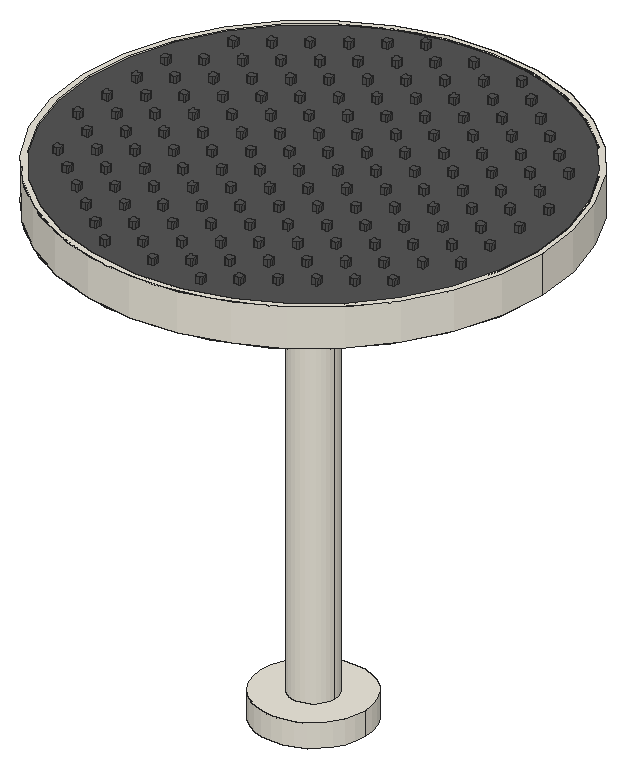
Revit family "Deca_Chuveiro Redondo de Teto_Flex Max_2085-TET", category Plumbing Fixtures, host Face, Revit 2020
Family settings
  Host = Face
  Round Connector Dimension = Use Radius
  Part Type = Normal
  Cut with Voids When Loaded = No
  Shared = No
  Room Calculation Point = No
Parameters (values of type "2085.SM.TET.MT_Summer Gold")
  WFU = 0
  Vazão na Pressão mín. (L/min) = "12 l/min"
  Vazão na Pressão máx. (L/min) = "12 l/min"
  URL = "www.deca.com.br"
  Tipo de rosca de saída = "-"
  Tipo de rosca de entrada = "BSP NBR 8133"
  Tipo de mecanismo utilizado = ""
  Tipo de dispositivo economizador = "RESTRITOR VAZÃO DE 12L/MIN"
  Segmento = "-"
  Saída de Esgoto = "-"
  Raio Água Fria = 0.0075 m  # constant formula
  Pressão mín. funcionamento = ""
  Pressão mín. Aquec. Passagem = "10 MCA"
  Pressão mín. Aquec. Acúmulo = "10 MCA"
  Pressão máx. funcionamento = ""
  Peso Líquido (Kg) = 0.97
  Norma = "NBR 15206"
  Model = "2085.SM.TET.MT"
  Material Secundário [instance] = Deca_Preto
  Material = Deca_Summer Gold
  Manufacturer = "Deca"
  Linha = "Flex"
  Itens de Instalação = "-"
  Informações Complementares = "-"
  HWFU = 0
  Diâmetro Água Fria = 2 * Raio Água Fria  # 0.015 m
  Description = "CHUVEIRO DE TETO REDONDO SM MT (220mm)"
  Default Elevation = 0.00 m
  Código Pai = "2085.C.TET"
  Criado por = "quattroD"
  Cores Componente = "-"
  Cor Secundária = "Preto"
  Cor Principal = "Summer Gold"
  Cor Interna = "-"
  Consumo = "-"
  Composição Componente = "-"
  Composição Básica = "Liga de Cobre (bronze e latão),Plásticos de Engenharia,Elastômeros"
  Composição Assento = "-"
  Composição Anel Vedação = "-"
  Categoria = "CHUVEIROS E DUCHAS"
  CWFU = 0
  Atendimento ao Cliente = "0800 011 7073"
  Assembly Code = ""
  Aprovado por = "quattroD"
  Acompanha o Produto = "RESTRITOR DE VAZÃO"
Reference planes (m)
  plane 1 "Center (Front/Back)": y = 0.024249
  plane 2: z = 0
  plane 3 "Center (Left/Right)": x = 0.000397
Forms (m)
  Extrusion 1, solid, material "Deca_Summer Gold" <- "Material"
    sketch origin (0, 0, 0) x (1, 0, 0) y (0, 1, 0)
      loop
        circle (0.000397, 0.024249) r 0.025
    from 0 to 0.011
  Extrusion 2, solid, material "Deca_Summer Gold" <- "Material"
    sketch origin (0, 0, 0) x (1, 0, 0) y (0, 1, 0)
      loop
        circle (0.000397, 0.024249) r 0.010333
    from 0.011 to 0.178
  Extrusion 3, solid, material "Deca_Summer Gold" <- "Material"
    sketch origin (0, 0, 0) x (1, 0, 0) y (0, 1, 0)
      loop
        circle (0.000397, 0.024249) r 0.11
      loop
        circle (0.000397, 0.024249) r 0.1075
    from 0.219495 to 0.2373
  Blend 4, solid, material "Deca_Summer Gold" <- "Material"
    base sketch origin (0, 0, 0) x (1, 0, 0) y (0, 1, 0)
      loop
        circle (0.000397, 0.024249) r 0.11
    top sketch origin (0, 0, 0) x (1, 0, 0) y (0, 1, 0)
      loop
        circle (0.000397, 0.024249) r 0.010333
    from 0.219495 to 0.218259
  Extrusion 5, solid, material "Deca_Preto" <- "Material Secundário"
    sketch origin (0, 0, 0) x (1, 0, 0) y (0, 1, 0)
      loop
        circle (0.000397, 0.024249) r 0.1075
    from 0.2306 to 0.236995
  Extrusion 6, solid, material "Deca_Preto" <- "Material Secundário"
    sketch origin (0, 0, 0) x (1, 0, 0) y (0, 1, 0)
      loop
        arc (-0.069454, 0.087086) -> (-0.06995, 0.086881) -> (-0.070156, 0.086384) r 0.000702
        line (-0.070156, 0.086384) -> (-0.070156, 0.084705)
        arc (-0.070156, 0.084705) -> (-0.069954, 0.084218) -> (-0.069467, 0.084016) r 0.000689
        line (-0.069467, 0.084016) -> (-0.06775, 0.084016)
        arc (-0.06775, 0.084016) -> (-0.067252, 0.084222) -> (-0.067046, 0.08472) r 0.000704
        line (-0.067046, 0.08472) -> (-0.067046, 0.086411)
        arc (-0.067046, 0.086411) -> (-0.067244, 0.086888) -> (-0.067721, 0.087086) r 0.000675
        line (-0.067721, 0.087086) -> (-0.069454, 0.087086)
      loop
        arc (-0.046443, 0.087086) -> (-0.046939, 0.086881) -> (-0.047145, 0.086384) r 0.000702
        line (-0.047145, 0.086384) -> (-0.047145, 0.084705)
        arc (-0.047145, 0.084705) -> (-0.046943, 0.084218) -> (-0.046456, 0.084016) r 0.000689
        line (-0.046456, 0.084016) -> (-0.044739, 0.084016)
        arc (-0.044739, 0.084016) -> (-0.044241, 0.084222) -> (-0.044035, 0.08472) r 0.000704
        line (-0.044035, 0.08472) -> (-0.044035, 0.086411)
        arc (-0.044035, 0.086411) -> (-0.044233, 0.086888) -> (-0.04471, 0.087086) r 0.000675
        line (-0.04471, 0.087086) -> (-0.046443, 0.087086)
      loop
        arc (-0.023453, 0.087086) -> (-0.023949, 0.086881) -> (-0.024155, 0.086384) r 0.000702
        line (-0.024155, 0.086384) -> (-0.024155, 0.084705)
        arc (-0.024155, 0.084705) -> (-0.023953, 0.084218) -> (-0.023466, 0.084016) r 0.000689
        line (-0.023466, 0.084016) -> (-0.021749, 0.084016)
        arc (-0.021749, 0.084016) -> (-0.021251, 0.084222) -> (-0.021045, 0.08472) r 0.000704
        line (-0.021045, 0.08472) -> (-0.021045, 0.086411)
        arc (-0.021045, 0.086411) -> (-0.021242, 0.086888) -> (-0.02172, 0.087086) r 0.000675
        line (-0.02172, 0.087086) -> (-0.023453, 0.087086)
      loop
        arc (-0.000469, 0.087086) -> (-0.000965, 0.086881) -> (-0.001171, 0.086384) r 0.000702
        line (-0.001171, 0.086384) -> (-0.001171, 0.084705)
        arc (-0.001171, 0.084705) -> (-0.000969, 0.084218) -> (-0.000482, 0.084016) r 0.000689
        line (-0.000482, 0.084016) -> (0.001235, 0.084016)
        arc (0.001235, 0.084016) -> (0.001733, 0.084222) -> (0.001939, 0.08472) r 0.000704
        line (0.001939, 0.08472) -> (0.001939, 0.086411)
        arc (0.001939, 0.086411) -> (0.001741, 0.086888) -> (0.001264, 0.087086) r 0.000675
        line (0.001264, 0.087086) -> (-0.000469, 0.087086)
      loop
        arc (-0.080909, 0.078342) -> (-0.081405, 0.078136) -> (-0.081611, 0.07764) r 0.000702
        line (-0.081611, 0.07764) -> (-0.081611, 0.075961)
        arc (-0.081611, 0.075961) -> (-0.081409, 0.075474) -> (-0.080922, 0.075272) r 0.000689
        line (-0.080922, 0.075272) -> (-0.079205, 0.075272)
        arc (-0.079205, 0.075272) -> (-0.078707, 0.075478) -> (-0.078501, 0.075976) r 0.000704
        line (-0.078501, 0.075976) -> (-0.078501, 0.077667)
        arc (-0.078501, 0.077667) -> (-0.078698, 0.078144) -> (-0.079176, 0.078342) r 0.000675
        line (-0.079176, 0.078342) -> (-0.080909, 0.078342)
      loop
        arc (-0.058006, 0.078342) -> (-0.058503, 0.078136) -> (-0.058708, 0.07764) r 0.000702
        line (-0.058708, 0.07764) -> (-0.058708, 0.075961)
        arc (-0.058708, 0.075961) -> (-0.058506, 0.075474) -> (-0.058019, 0.075272) r 0.000689
        line (-0.058019, 0.075272) -> (-0.056302, 0.075272)
        arc (-0.056302, 0.075272) -> (-0.055804, 0.075478) -> (-0.055598, 0.075976) r 0.000704
        line (-0.055598, 0.075976) -> (-0.055598, 0.077667)
        arc (-0.055598, 0.077667) -> (-0.055796, 0.078144) -> (-0.056273, 0.078342) r 0.000675
        line (-0.056273, 0.078342) -> (-0.058006, 0.078342)
      loop
        arc (-0.034995, 0.078342) -> (-0.035492, 0.078136) -> (-0.035697, 0.07764) r 0.000702
        line (-0.035697, 0.07764) -> (-0.035697, 0.075961)
        arc (-0.035697, 0.075961) -> (-0.035495, 0.075474) -> (-0.035008, 0.075272) r 0.000689
        line (-0.035008, 0.075272) -> (-0.033291, 0.075272)
        arc (-0.033291, 0.075272) -> (-0.032793, 0.075478) -> (-0.032587, 0.075976) r 0.000704
        line (-0.032587, 0.075976) -> (-0.032587, 0.077667)
        arc (-0.032587, 0.077667) -> (-0.032785, 0.078144) -> (-0.033262, 0.078342) r 0.000675
        line (-0.033262, 0.078342) -> (-0.034995, 0.078342)
      loop
        arc (-0.012005, 0.078342) -> (-0.012501, 0.078136) -> (-0.012707, 0.07764) r 0.000702
        line (-0.012707, 0.07764) -> (-0.012707, 0.075961)
        arc (-0.012707, 0.075961) -> (-0.012505, 0.075474) -> (-0.012018, 0.075272) r 0.000689
        line (-0.012018, 0.075272) -> (-0.010301, 0.075272)
        arc (-0.010301, 0.075272) -> (-0.009803, 0.075478) -> (-0.009597, 0.075976) r 0.000704
        line (-0.009597, 0.075976) -> (-0.009597, 0.077667)
        arc (-0.009597, 0.077667) -> (-0.009795, 0.078144) -> (-0.010272, 0.078342) r 0.000675
        line (-0.010272, 0.078342) -> (-0.012005, 0.078342)
      loop
        arc (-0.069454, 0.069572) -> (-0.06995, 0.069367) -> (-0.070156, 0.06887) r 0.000702
        line (-0.070156, 0.06887) -> (-0.070156, 0.067191)
        arc (-0.070156, 0.067191) -> (-0.069954, 0.066704) -> (-0.069467, 0.066502) r 0.000689
        line (-0.069467, 0.066502) -> (-0.06775, 0.066502)
        arc (-0.06775, 0.066502) -> (-0.067252, 0.066708) -> (-0.067046, 0.067206) r 0.000704
        line (-0.067046, 0.067206) -> (-0.067046, 0.068897)
        arc (-0.067046, 0.068897) -> (-0.067244, 0.069374) -> (-0.067721, 0.069572) r 0.000675
        line (-0.067721, 0.069572) -> (-0.069454, 0.069572)
      loop
        arc (-0.046443, 0.069572) -> (-0.046939, 0.069367) -> (-0.047145, 0.06887) r 0.000702
        line (-0.047145, 0.06887) -> (-0.047145, 0.067191)
        arc (-0.047145, 0.067191) -> (-0.046943, 0.066704) -> (-0.046456, 0.066502) r 0.000689
        line (-0.046456, 0.066502) -> (-0.044739, 0.066502)
        arc (-0.044739, 0.066502) -> (-0.044241, 0.066708) -> (-0.044035, 0.067206) r 0.000704
        line (-0.044035, 0.067206) -> (-0.044035, 0.068897)
        arc (-0.044035, 0.068897) -> (-0.044233, 0.069374) -> (-0.04471, 0.069572) r 0.000675
        line (-0.04471, 0.069572) -> (-0.046443, 0.069572)
      loop
        arc (-0.023453, 0.069572) -> (-0.023949, 0.069367) -> (-0.024155, 0.06887) r 0.000702
        line (-0.024155, 0.06887) -> (-0.024155, 0.067191)
        arc (-0.024155, 0.067191) -> (-0.023953, 0.066704) -> (-0.023466, 0.066502) r 0.000689
        line (-0.023466, 0.066502) -> (-0.021749, 0.066502)
        arc (-0.021749, 0.066502) -> (-0.021251, 0.066708) -> (-0.021045, 0.067206) r 0.000704
        line (-0.021045, 0.067206) -> (-0.021045, 0.068897)
        arc (-0.021045, 0.068897) -> (-0.021242, 0.069374) -> (-0.02172, 0.069572) r 0.000675
        line (-0.02172, 0.069572) -> (-0.023453, 0.069572)
      loop
        arc (-0.000469, 0.069572) -> (-0.000965, 0.069367) -> (-0.001171, 0.06887) r 0.000702
        line (-0.001171, 0.06887) -> (-0.001171, 0.067191)
        arc (-0.001171, 0.067191) -> (-0.000969, 0.066704) -> (-0.000482, 0.066502) r 0.000689
        line (-0.000482, 0.066502) -> (0.001235, 0.066502)
        arc (0.001235, 0.066502) -> (0.001733, 0.066708) -> (0.001939, 0.067206) r 0.000704
        line (0.001939, 0.067206) -> (0.001939, 0.068897)
        arc (0.001939, 0.068897) -> (0.001741, 0.069374) -> (0.001264, 0.069572) r 0.000675
        line (0.001264, 0.069572) -> (-0.000469, 0.069572)
      loop
        arc (-0.080909, 0.060828) -> (-0.081405, 0.060622) -> (-0.081611, 0.060126) r 0.000702
        line (-0.081611, 0.060126) -> (-0.081611, 0.058447)
        arc (-0.081611, 0.058447) -> (-0.081409, 0.05796) -> (-0.080922, 0.057758) r 0.000689
        line (-0.080922, 0.057758) -> (-0.079205, 0.057758)
        arc (-0.079205, 0.057758) -> (-0.078707, 0.057964) -> (-0.078501, 0.058462) r 0.000704
        line (-0.078501, 0.058462) -> (-0.078501, 0.060153)
        arc (-0.078501, 0.060153) -> (-0.078698, 0.06063) -> (-0.079176, 0.060828) r 0.000675
        line (-0.079176, 0.060828) -> (-0.080909, 0.060828)
      loop
        arc (-0.058006, 0.060828) -> (-0.058503, 0.060622) -> (-0.058708, 0.060126) r 0.000702
        line (-0.058708, 0.060126) -> (-0.058708, 0.058447)
        arc (-0.058708, 0.058447) -> (-0.058506, 0.05796) -> (-0.058019, 0.057758) r 0.000689
        line (-0.058019, 0.057758) -> (-0.056302, 0.057758)
        arc (-0.056302, 0.057758) -> (-0.055804, 0.057964) -> (-0.055598, 0.058462) r 0.000704
        line (-0.055598, 0.058462) -> (-0.055598, 0.060153)
        arc (-0.055598, 0.060153) -> (-0.055796, 0.06063) -> (-0.056273, 0.060828) r 0.000675
        line (-0.056273, 0.060828) -> (-0.058006, 0.060828)
      loop
        arc (-0.034995, 0.060828) -> (-0.035492, 0.060622) -> (-0.035697, 0.060126) r 0.000702
        line (-0.035697, 0.060126) -> (-0.035697, 0.058447)
        arc (-0.035697, 0.058447) -> (-0.035495, 0.05796) -> (-0.035008, 0.057758) r 0.000689
        line (-0.035008, 0.057758) -> (-0.033291, 0.057758)
        arc (-0.033291, 0.057758) -> (-0.032793, 0.057964) -> (-0.032587, 0.058462) r 0.000704
        line (-0.032587, 0.058462) -> (-0.032587, 0.060153)
        arc (-0.032587, 0.060153) -> (-0.032785, 0.06063) -> (-0.033262, 0.060828) r 0.000675
        line (-0.033262, 0.060828) -> (-0.034995, 0.060828)
      loop
        arc (-0.012005, 0.060828) -> (-0.012501, 0.060622) -> (-0.012707, 0.060126) r 0.000702
        line (-0.012707, 0.060126) -> (-0.012707, 0.058447)
        arc (-0.012707, 0.058447) -> (-0.012505, 0.05796) -> (-0.012018, 0.057758) r 0.000689
        line (-0.012018, 0.057758) -> (-0.010301, 0.057758)
        arc (-0.010301, 0.057758) -> (-0.009803, 0.057964) -> (-0.009597, 0.058462) r 0.000704
        line (-0.009597, 0.058462) -> (-0.009597, 0.060153)
        arc (-0.009597, 0.060153) -> (-0.009795, 0.06063) -> (-0.010272, 0.060828) r 0.000675
        line (-0.010272, 0.060828) -> (-0.012005, 0.060828)
      loop
        arc (-0.092357, 0.052086) -> (-0.092853, 0.051881) -> (-0.093058, 0.051384) r 0.000702
        line (-0.093058, 0.051384) -> (-0.093058, 0.049705)
        arc (-0.093058, 0.049705) -> (-0.092857, 0.049218) -> (-0.09237, 0.049016) r 0.000689
        line (-0.09237, 0.049016) -> (-0.090653, 0.049016)
        arc (-0.090653, 0.049016) -> (-0.090155, 0.049222) -> (-0.089948, 0.04972) r 0.000704
        line (-0.089948, 0.04972) -> (-0.089948, 0.051411)
        arc (-0.089948, 0.051411) -> (-0.090146, 0.051888) -> (-0.090624, 0.052086) r 0.000675
        line (-0.090624, 0.052086) -> (-0.092357, 0.052086)
      loop
        arc (-0.069454, 0.052086) -> (-0.06995, 0.051881) -> (-0.070156, 0.051384) r 0.000702
        line (-0.070156, 0.051384) -> (-0.070156, 0.049705)
        arc (-0.070156, 0.049705) -> (-0.069954, 0.049218) -> (-0.069467, 0.049016) r 0.000689
        line (-0.069467, 0.049016) -> (-0.06775, 0.049016)
        arc (-0.06775, 0.049016) -> (-0.067252, 0.049222) -> (-0.067046, 0.04972) r 0.000704
        line (-0.067046, 0.04972) -> (-0.067046, 0.051411)
        arc (-0.067046, 0.051411) -> (-0.067244, 0.051888) -> (-0.067721, 0.052086) r 0.000675
        line (-0.067721, 0.052086) -> (-0.069454, 0.052086)
      loop
        arc (-0.046443, 0.052086) -> (-0.046939, 0.051881) -> (-0.047145, 0.051384) r 0.000702
        line (-0.047145, 0.051384) -> (-0.047145, 0.049705)
        arc (-0.047145, 0.049705) -> (-0.046943, 0.049218) -> (-0.046456, 0.049016) r 0.000689
        line (-0.046456, 0.049016) -> (-0.044739, 0.049016)
        arc (-0.044739, 0.049016) -> (-0.044241, 0.049222) -> (-0.044035, 0.04972) r 0.000704
        line (-0.044035, 0.04972) -> (-0.044035, 0.051411)
        arc (-0.044035, 0.051411) -> (-0.044233, 0.051888) -> (-0.04471, 0.052086) r 0.000675
        line (-0.04471, 0.052086) -> (-0.046443, 0.052086)
      loop
        arc (-0.023453, 0.052086) -> (-0.023949, 0.051881) -> (-0.024155, 0.051384) r 0.000702
        line (-0.024155, 0.051384) -> (-0.024155, 0.049705)
        arc (-0.024155, 0.049705) -> (-0.023953, 0.049218) -> (-0.023466, 0.049016) r 0.000689
        line (-0.023466, 0.049016) -> (-0.021749, 0.049016)
        arc (-0.021749, 0.049016) -> (-0.021251, 0.049222) -> (-0.021045, 0.04972) r 0.000704
        line (-0.021045, 0.04972) -> (-0.021045, 0.051411)
        arc (-0.021045, 0.051411) -> (-0.021242, 0.051888) -> (-0.02172, 0.052086) r 0.000675
        line (-0.02172, 0.052086) -> (-0.023453, 0.052086)
      loop
        arc (-0.000469, 0.052086) -> (-0.000965, 0.051881) -> (-0.001171, 0.051384) r 0.000702
        line (-0.001171, 0.051384) -> (-0.001171, 0.049705)
        arc (-0.001171, 0.049705) -> (-0.000969, 0.049218) -> (-0.000482, 0.049016) r 0.000689
        line (-0.000482, 0.049016) -> (0.001235, 0.049016)
        arc (0.001235, 0.049016) -> (0.001733, 0.049222) -> (0.001939, 0.04972) r 0.000704
        line (0.001939, 0.04972) -> (0.001939, 0.051411)
        arc (0.001939, 0.051411) -> (0.001741, 0.051888) -> (0.001264, 0.052086) r 0.000675
        line (0.001264, 0.052086) -> (-0.000469, 0.052086)
      loop
        arc (-0.080909, 0.043342) -> (-0.081405, 0.043136) -> (-0.081611, 0.04264) r 0.000702
        line (-0.081611, 0.04264) -> (-0.081611, 0.040961)
        arc (-0.081611, 0.040961) -> (-0.081409, 0.040474) -> (-0.080922, 0.040272) r 0.000689
        line (-0.080922, 0.040272) -> (-0.079205, 0.040272)
        arc (-0.079205, 0.040272) -> (-0.078707, 0.040478) -> (-0.078501, 0.040976) r 0.000704
        line (-0.078501, 0.040976) -> (-0.078501, 0.042667)
        arc (-0.078501, 0.042667) -> (-0.078698, 0.043144) -> (-0.079176, 0.043342) r 0.000675
        line (-0.079176, 0.043342) -> (-0.080909, 0.043342)
      loop
        arc (-0.058006, 0.043342) -> (-0.058503, 0.043136) -> (-0.058708, 0.04264) r 0.000702
        line (-0.058708, 0.04264) -> (-0.058708, 0.040961)
        arc (-0.058708, 0.040961) -> (-0.058506, 0.040474) -> (-0.058019, 0.040272) r 0.000689
        line (-0.058019, 0.040272) -> (-0.056302, 0.040272)
        arc (-0.056302, 0.040272) -> (-0.055804, 0.040478) -> (-0.055598, 0.040976) r 0.000704
        line (-0.055598, 0.040976) -> (-0.055598, 0.042667)
        arc (-0.055598, 0.042667) -> (-0.055796, 0.043144) -> (-0.056273, 0.043342) r 0.000675
        line (-0.056273, 0.043342) -> (-0.058006, 0.043342)
      loop
        arc (-0.034995, 0.043342) -> (-0.035492, 0.043136) -> (-0.035697, 0.04264) r 0.000702
        line (-0.035697, 0.04264) -> (-0.035697, 0.040961)
        arc (-0.035697, 0.040961) -> (-0.035495, 0.040474) -> (-0.035008, 0.040272) r 0.000689
        line (-0.035008, 0.040272) -> (-0.033291, 0.040272)
        arc (-0.033291, 0.040272) -> (-0.032793, 0.040478) -> (-0.032587, 0.040976) r 0.000704
        line (-0.032587, 0.040976) -> (-0.032587, 0.042667)
        arc (-0.032587, 0.042667) -> (-0.032785, 0.043144) -> (-0.033262, 0.043342) r 0.000675
        line (-0.033262, 0.043342) -> (-0.034995, 0.043342)
      loop
        arc (-0.012005, 0.043342) -> (-0.012501, 0.043136) -> (-0.012707, 0.04264) r 0.000702
        line (-0.012707, 0.04264) -> (-0.012707, 0.040961)
        arc (-0.012707, 0.040961) -> (-0.012505, 0.040474) -> (-0.012018, 0.040272) r 0.000689
        line (-0.012018, 0.040272) -> (-0.010301, 0.040272)
        arc (-0.010301, 0.040272) -> (-0.009803, 0.040478) -> (-0.009597, 0.040976) r 0.000704
        line (-0.009597, 0.040976) -> (-0.009597, 0.042667)
        arc (-0.009597, 0.042667) -> (-0.009795, 0.043144) -> (-0.010272, 0.043342) r 0.000675
        line (-0.010272, 0.043342) -> (-0.012005, 0.043342)
      loop
        arc (-0.092357, 0.034572) -> (-0.092853, 0.034367) -> (-0.093058, 0.03387) r 0.000702
        line (-0.093058, 0.03387) -> (-0.093058, 0.032191)
        arc (-0.093058, 0.032191) -> (-0.092857, 0.031704) -> (-0.09237, 0.031502) r 0.000689
        line (-0.09237, 0.031502) -> (-0.090653, 0.031502)
        arc (-0.090653, 0.031502) -> (-0.090155, 0.031708) -> (-0.089948, 0.032206) r 0.000704
        line (-0.089948, 0.032206) -> (-0.089948, 0.033897)
        arc (-0.089948, 0.033897) -> (-0.090146, 0.034374) -> (-0.090624, 0.034572) r 0.000675
        line (-0.090624, 0.034572) -> (-0.092357, 0.034572)
      loop
        arc (-0.069454, 0.034572) -> (-0.06995, 0.034367) -> (-0.070156, 0.03387) r 0.000702
        line (-0.070156, 0.03387) -> (-0.070156, 0.032191)
        arc (-0.070156, 0.032191) -> (-0.069954, 0.031704) -> (-0.069467, 0.031502) r 0.000689
        line (-0.069467, 0.031502) -> (-0.06775, 0.031502)
        arc (-0.06775, 0.031502) -> (-0.067252, 0.031708) -> (-0.067046, 0.032206) r 0.000704
        line (-0.067046, 0.032206) -> (-0.067046, 0.033897)
        arc (-0.067046, 0.033897) -> (-0.067244, 0.034374) -> (-0.067721, 0.034572) r 0.000675
        line (-0.067721, 0.034572) -> (-0.069454, 0.034572)
      loop
        arc (-0.046443, 0.034572) -> (-0.046939, 0.034367) -> (-0.047145, 0.03387) r 0.000702
        line (-0.047145, 0.03387) -> (-0.047145, 0.032191)
        arc (-0.047145, 0.032191) -> (-0.046943, 0.031704) -> (-0.046456, 0.031502) r 0.000689
        line (-0.046456, 0.031502) -> (-0.044739, 0.031502)
        arc (-0.044739, 0.031502) -> (-0.044241, 0.031708) -> (-0.044035, 0.032206) r 0.000704
        line (-0.044035, 0.032206) -> (-0.044035, 0.033897)
        arc (-0.044035, 0.033897) -> (-0.044233, 0.034374) -> (-0.04471, 0.034572) r 0.000675
        line (-0.04471, 0.034572) -> (-0.046443, 0.034572)
      loop
        arc (-0.023453, 0.034572) -> (-0.023949, 0.034367) -> (-0.024155, 0.03387) r 0.000702
        line (-0.024155, 0.03387) -> (-0.024155, 0.032191)
        arc (-0.024155, 0.032191) -> (-0.023953, 0.031704) -> (-0.023466, 0.031502) r 0.000689
        line (-0.023466, 0.031502) -> (-0.021749, 0.031502)
        arc (-0.021749, 0.031502) -> (-0.021251, 0.031708) -> (-0.021045, 0.032206) r 0.000704
        line (-0.021045, 0.032206) -> (-0.021045, 0.033897)
        arc (-0.021045, 0.033897) -> (-0.021242, 0.034374) -> (-0.02172, 0.034572) r 0.000675
        line (-0.02172, 0.034572) -> (-0.023453, 0.034572)
      loop
        arc (-0.000469, 0.034572) -> (-0.000965, 0.034367) -> (-0.001171, 0.03387) r 0.000702
        line (-0.001171, 0.03387) -> (-0.001171, 0.032191)
        arc (-0.001171, 0.032191) -> (-0.000969, 0.031704) -> (-0.000482, 0.031502) r 0.000689
        line (-0.000482, 0.031502) -> (0.001235, 0.031502)
        arc (0.001235, 0.031502) -> (0.001733, 0.031708) -> (0.001939, 0.032206) r 0.000704
        line (0.001939, 0.032206) -> (0.001939, 0.033897)
        arc (0.001939, 0.033897) -> (0.001741, 0.034374) -> (0.001264, 0.034572) r 0.000675
        line (0.001264, 0.034572) -> (-0.000469, 0.034572)
      loop
        arc (-0.080909, 0.025828) -> (-0.081405, 0.025622) -> (-0.081611, 0.025126) r 0.000702
        line (-0.081611, 0.025126) -> (-0.081611, 0.023447)
        arc (-0.081611, 0.023447) -> (-0.081409, 0.02296) -> (-0.080922, 0.022758) r 0.000689
        line (-0.080922, 0.022758) -> (-0.079205, 0.022758)
        arc (-0.079205, 0.022758) -> (-0.078707, 0.022964) -> (-0.078501, 0.023462) r 0.000704
        line (-0.078501, 0.023462) -> (-0.078501, 0.025153)
        arc (-0.078501, 0.025153) -> (-0.078698, 0.02563) -> (-0.079176, 0.025828) r 0.000675
        line (-0.079176, 0.025828) -> (-0.080909, 0.025828)
      loop
        arc (-0.058006, 0.025828) -> (-0.058503, 0.025622) -> (-0.058708, 0.025126) r 0.000702
        line (-0.058708, 0.025126) -> (-0.058708, 0.023447)
        arc (-0.058708, 0.023447) -> (-0.058506, 0.02296) -> (-0.058019, 0.022758) r 0.000689
        line (-0.058019, 0.022758) -> (-0.056302, 0.022758)
        arc (-0.056302, 0.022758) -> (-0.055804, 0.022964) -> (-0.055598, 0.023462) r 0.000704
        line (-0.055598, 0.023462) -> (-0.055598, 0.025153)
        arc (-0.055598, 0.025153) -> (-0.055796, 0.02563) -> (-0.056273, 0.025828) r 0.000675
        line (-0.056273, 0.025828) -> (-0.058006, 0.025828)
      loop
        arc (-0.034995, 0.025828) -> (-0.035492, 0.025622) -> (-0.035697, 0.025126) r 0.000702
        line (-0.035697, 0.025126) -> (-0.035697, 0.023447)
        arc (-0.035697, 0.023447) -> (-0.035495, 0.02296) -> (-0.035008, 0.022758) r 0.000689
        line (-0.035008, 0.022758) -> (-0.033291, 0.022758)
        arc (-0.033291, 0.022758) -> (-0.032793, 0.022964) -> (-0.032587, 0.023462) r 0.000704
        line (-0.032587, 0.023462) -> (-0.032587, 0.025153)
        arc (-0.032587, 0.025153) -> (-0.032785, 0.02563) -> (-0.033262, 0.025828) r 0.000675
        line (-0.033262, 0.025828) -> (-0.034995, 0.025828)
      loop
        arc (-0.012005, 0.025828) -> (-0.012501, 0.025622) -> (-0.012707, 0.025126) r 0.000702
        line (-0.012707, 0.025126) -> (-0.012707, 0.023447)
        arc (-0.012707, 0.023447) -> (-0.012505, 0.02296) -> (-0.012018, 0.022758) r 0.000689
        line (-0.012018, 0.022758) -> (-0.010301, 0.022758)
        arc (-0.010301, 0.022758) -> (-0.009803, 0.022964) -> (-0.009597, 0.023462) r 0.000704
        line (-0.009597, 0.023462) -> (-0.009597, 0.025153)
        arc (-0.009597, 0.025153) -> (-0.009795, 0.02563) -> (-0.010272, 0.025828) r 0.000675
        line (-0.010272, 0.025828) -> (-0.012005, 0.025828)
      loop
        arc (-0.058006, 0.095856) -> (-0.058503, 0.09565) -> (-0.058708, 0.095154) r 0.000702
        line (-0.058708, 0.095154) -> (-0.058708, 0.093475)
        arc (-0.058708, 0.093475) -> (-0.058506, 0.092987) -> (-0.058019, 0.092786) r 0.000689
        line (-0.058019, 0.092786) -> (-0.056302, 0.092786)
        arc (-0.056302, 0.092786) -> (-0.055804, 0.092992) -> (-0.055598, 0.09349) r 0.000704
        line (-0.055598, 0.09349) -> (-0.055598, 0.095181)
        arc (-0.055598, 0.095181) -> (-0.055796, 0.095658) -> (-0.056273, 0.095856) r 0.000675
        line (-0.056273, 0.095856) -> (-0.058006, 0.095856)
      loop
        arc (-0.034995, 0.095856) -> (-0.035492, 0.09565) -> (-0.035697, 0.095154) r 0.000702
        line (-0.035697, 0.095154) -> (-0.035697, 0.093475)
        arc (-0.035697, 0.093475) -> (-0.035495, 0.092987) -> (-0.035008, 0.092786) r 0.000689
        line (-0.035008, 0.092786) -> (-0.033291, 0.092786)
        arc (-0.033291, 0.092786) -> (-0.032793, 0.092992) -> (-0.032587, 0.09349) r 0.000704
        line (-0.032587, 0.09349) -> (-0.032587, 0.095181)
        arc (-0.032587, 0.095181) -> (-0.032785, 0.095658) -> (-0.033262, 0.095856) r 0.000675
        line (-0.033262, 0.095856) -> (-0.034995, 0.095856)
      loop
        arc (-0.012005, 0.095856) -> (-0.012501, 0.09565) -> (-0.012707, 0.095154) r 0.000702
        line (-0.012707, 0.095154) -> (-0.012707, 0.093475)
        arc (-0.012707, 0.093475) -> (-0.012505, 0.092987) -> (-0.012018, 0.092786) r 0.000689
        line (-0.012018, 0.092786) -> (-0.010301, 0.092786)
        arc (-0.010301, 0.092786) -> (-0.009803, 0.092992) -> (-0.009597, 0.09349) r 0.000704
        line (-0.009597, 0.09349) -> (-0.009597, 0.095181)
        arc (-0.009597, 0.095181) -> (-0.009795, 0.095658) -> (-0.010272, 0.095856) r 0.000675
        line (-0.010272, 0.095856) -> (-0.012005, 0.095856)
      loop
        arc (-0.034995, 0.11337) -> (-0.035492, 0.113164) -> (-0.035697, 0.112668) r 0.000702
        line (-0.035697, 0.112668) -> (-0.035697, 0.110988)
        arc (-0.035697, 0.110988) -> (-0.035495, 0.110501) -> (-0.035008, 0.1103) r 0.000689
        line (-0.035008, 0.1103) -> (-0.033291, 0.1103)
        arc (-0.033291, 0.1103) -> (-0.032793, 0.110506) -> (-0.032587, 0.111004) r 0.000704
        line (-0.032587, 0.111004) -> (-0.032587, 0.112694)
        arc (-0.032587, 0.112694) -> (-0.032785, 0.113172) -> (-0.033262, 0.11337) r 0.000675
        line (-0.033262, 0.11337) -> (-0.034995, 0.11337)
      loop
        arc (-0.012005, 0.11337) -> (-0.012501, 0.113164) -> (-0.012707, 0.112668) r 0.000702
        line (-0.012707, 0.112668) -> (-0.012707, 0.110988)
        arc (-0.012707, 0.110988) -> (-0.012505, 0.110501) -> (-0.012018, 0.1103) r 0.000689
        line (-0.012018, 0.1103) -> (-0.010301, 0.1103)
        arc (-0.010301, 0.1103) -> (-0.009803, 0.110506) -> (-0.009597, 0.111004) r 0.000704
        line (-0.009597, 0.111004) -> (-0.009597, 0.112694)
        arc (-0.009597, 0.112694) -> (-0.009795, 0.113172) -> (-0.010272, 0.11337) r 0.000675
        line (-0.010272, 0.11337) -> (-0.012005, 0.11337)
      loop
        arc (-0.046443, 0.1046) -> (-0.046939, 0.104395) -> (-0.047145, 0.103898) r 0.000702
        line (-0.047145, 0.103898) -> (-0.047145, 0.102219)
        arc (-0.047145, 0.102219) -> (-0.046943, 0.101732) -> (-0.046456, 0.10153) r 0.000689
        line (-0.046456, 0.10153) -> (-0.044739, 0.10153)
        arc (-0.044739, 0.10153) -> (-0.044241, 0.101736) -> (-0.044035, 0.102234) r 0.000704
        line (-0.044035, 0.102234) -> (-0.044035, 0.103925)
        arc (-0.044035, 0.103925) -> (-0.044233, 0.104402) -> (-0.04471, 0.1046) r 0.000675
        line (-0.04471, 0.1046) -> (-0.046443, 0.1046)
      loop
        arc (-0.023453, 0.1046) -> (-0.023949, 0.104395) -> (-0.024155, 0.103898) r 0.000702
        line (-0.024155, 0.103898) -> (-0.024155, 0.102219)
        arc (-0.024155, 0.102219) -> (-0.023953, 0.101732) -> (-0.023466, 0.10153) r 0.000689
        line (-0.023466, 0.10153) -> (-0.021749, 0.10153)
        arc (-0.021749, 0.10153) -> (-0.021251, 0.101736) -> (-0.021045, 0.102234) r 0.000704
        line (-0.021045, 0.102234) -> (-0.021045, 0.103925)
        arc (-0.021045, 0.103925) -> (-0.021242, 0.104402) -> (-0.02172, 0.1046) r 0.000675
        line (-0.02172, 0.1046) -> (-0.023453, 0.1046)
      loop
        arc (-0.000469, 0.1046) -> (-0.000965, 0.104395) -> (-0.001171, 0.103898) r 0.000702
        line (-0.001171, 0.103898) -> (-0.001171, 0.102219)
        arc (-0.001171, 0.102219) -> (-0.000969, 0.101732) -> (-0.000482, 0.10153) r 0.000689
        line (-0.000482, 0.10153) -> (0.001235, 0.10153)
        arc (0.001235, 0.10153) -> (0.001733, 0.101736) -> (0.001939, 0.102234) r 0.000704
        line (0.001939, 0.102234) -> (0.001939, 0.103925)
        arc (0.001939, 0.103925) -> (0.001741, 0.104402) -> (0.001264, 0.1046) r 0.000675
        line (0.001264, 0.1046) -> (-0.000469, 0.1046)
      loop
        arc (-0.023453, 0.122114) -> (-0.023949, 0.121909) -> (-0.024155, 0.121412) r 0.000702
        line (-0.024155, 0.121412) -> (-0.024155, 0.119733)
        arc (-0.024155, 0.119733) -> (-0.023953, 0.119246) -> (-0.023466, 0.119044) r 0.000689
        line (-0.023466, 0.119044) -> (-0.021749, 0.119044)
        arc (-0.021749, 0.119044) -> (-0.021251, 0.11925) -> (-0.021045, 0.119748) r 0.000704
        line (-0.021045, 0.119748) -> (-0.021045, 0.121439)
        arc (-0.021045, 0.121439) -> (-0.021242, 0.121916) -> (-0.02172, 0.122114) r 0.000675
        line (-0.02172, 0.122114) -> (-0.023453, 0.122114)
      loop
        arc (-0.000469, 0.122114) -> (-0.000965, 0.121909) -> (-0.001171, 0.121412) r 0.000702
        line (-0.001171, 0.121412) -> (-0.001171, 0.119733)
        arc (-0.001171, 0.119733) -> (-0.000969, 0.119246) -> (-0.000482, 0.119044) r 0.000689
        line (-0.000482, 0.119044) -> (0.001235, 0.119044)
        arc (0.001235, 0.119044) -> (0.001733, 0.11925) -> (0.001939, 0.119748) r 0.000704
        line (0.001939, 0.119748) -> (0.001939, 0.121439)
        arc (0.001939, 0.121439) -> (0.001741, 0.121916) -> (0.001264, 0.122114) r 0.000675
        line (0.001264, 0.122114) -> (-0.000469, 0.122114)
      loop
        line (0.070249, 0.087086) -> (0.068516, 0.087086)
        arc (0.068516, 0.087086) -> (0.068038, 0.086888) -> (0.06784, 0.086411) r 0.000675
        line (0.06784, 0.086411) -> (0.06784, 0.08472)
        arc (0.06784, 0.08472) -> (0.068047, 0.084222) -> (0.068544, 0.084016) r 0.000704
        line (0.068544, 0.084016) -> (0.070262, 0.084016)
        arc (0.070262, 0.084016) -> (0.070749, 0.084218) -> (0.07095, 0.084705) r 0.000689
        line (0.07095, 0.084705) -> (0.07095, 0.086384)
        arc (0.07095, 0.086384) -> (0.070745, 0.086881) -> (0.070249, 0.087086) r 0.000702
      loop
        line (0.047238, 0.087086) -> (0.045505, 0.087086)
        arc (0.045505, 0.087086) -> (0.045027, 0.086888) -> (0.044829, 0.086411) r 0.000675
        line (0.044829, 0.086411) -> (0.044829, 0.08472)
        arc (0.044829, 0.08472) -> (0.045036, 0.084222) -> (0.045533, 0.084016) r 0.000704
        line (0.045533, 0.084016) -> (0.047251, 0.084016)
        arc (0.047251, 0.084016) -> (0.047738, 0.084218) -> (0.047939, 0.084705) r 0.000689
        line (0.047939, 0.084705) -> (0.047939, 0.086384)
        arc (0.047939, 0.086384) -> (0.047734, 0.086881) -> (0.047238, 0.087086) r 0.000702
      loop
        line (0.024248, 0.087086) -> (0.022515, 0.087086)
        arc (0.022515, 0.087086) -> (0.022037, 0.086888) -> (0.021839, 0.086411) r 0.000675
        line (0.021839, 0.086411) -> (0.021839, 0.08472)
        arc (0.021839, 0.08472) -> (0.022045, 0.084222) -> (0.022543, 0.084016) r 0.000704
        line (0.022543, 0.084016) -> (0.024261, 0.084016)
        arc (0.024261, 0.084016) -> (0.024748, 0.084218) -> (0.024949, 0.084705) r 0.000689
        line (0.024949, 0.084705) -> (0.024949, 0.086384)
        arc (0.024949, 0.086384) -> (0.024744, 0.086881) -> (0.024248, 0.087086) r 0.000702
      loop
        line (0.081704, 0.078342) -> (0.079971, 0.078342)
        arc (0.079971, 0.078342) -> (0.079493, 0.078144) -> (0.079295, 0.077667) r 0.000675
        line (0.079295, 0.077667) -> (0.079295, 0.075976)
        arc (0.079295, 0.075976) -> (0.079501, 0.075478) -> (0.079999, 0.075272) r 0.000704
        line (0.079999, 0.075272) -> (0.081717, 0.075272)
        arc (0.081717, 0.075272) -> (0.082204, 0.075474) -> (0.082405, 0.075961) r 0.000689
        line (0.082405, 0.075961) -> (0.082405, 0.07764)
        arc (0.082405, 0.07764) -> (0.0822, 0.078136) -> (0.081704, 0.078342) r 0.000702
      loop
        line (0.058801, 0.078342) -> (0.057068, 0.078342)
        arc (0.057068, 0.078342) -> (0.05659, 0.078144) -> (0.056393, 0.077667) r 0.000675
        line (0.056393, 0.077667) -> (0.056393, 0.075976)
        arc (0.056393, 0.075976) -> (0.056599, 0.075478) -> (0.057097, 0.075272) r 0.000704
        line (0.057097, 0.075272) -> (0.058814, 0.075272)
        arc (0.058814, 0.075272) -> (0.059301, 0.075474) -> (0.059503, 0.075961) r 0.000689
        line (0.059503, 0.075961) -> (0.059503, 0.07764)
        arc (0.059503, 0.07764) -> (0.059297, 0.078136) -> (0.058801, 0.078342) r 0.000702
      loop
        line (0.03579, 0.078342) -> (0.034057, 0.078342)
        arc (0.034057, 0.078342) -> (0.033579, 0.078144) -> (0.033382, 0.077667) r 0.000675
        line (0.033382, 0.077667) -> (0.033382, 0.075976)
        arc (0.033382, 0.075976) -> (0.033588, 0.075478) -> (0.034086, 0.075272) r 0.000704
        line (0.034086, 0.075272) -> (0.035803, 0.075272)
        arc (0.035803, 0.075272) -> (0.03629, 0.075474) -> (0.036492, 0.075961) r 0.000689
        line (0.036492, 0.075961) -> (0.036492, 0.07764)
        arc (0.036492, 0.07764) -> (0.036286, 0.078136) -> (0.03579, 0.078342) r 0.000702
      loop
        line (0.0128, 0.078342) -> (0.011067, 0.078342)
        arc (0.011067, 0.078342) -> (0.010589, 0.078144) -> (0.010391, 0.077667) r 0.000675
        line (0.010391, 0.077667) -> (0.010391, 0.075976)
        arc (0.010391, 0.075976) -> (0.010598, 0.075478) -> (0.011096, 0.075272) r 0.000704
        line (0.011096, 0.075272) -> (0.012813, 0.075272)
        arc (0.012813, 0.075272) -> (0.0133, 0.075474) -> (0.013502, 0.075961) r 0.000689
        line (0.013502, 0.075961) -> (0.013502, 0.07764)
        arc (0.013502, 0.07764) -> (0.013296, 0.078136) -> (0.0128, 0.078342) r 0.000702
      loop
        line (0.070249, 0.069572) -> (0.068516, 0.069572)
        arc (0.068516, 0.069572) -> (0.068038, 0.069374) -> (0.06784, 0.068897) r 0.000675
        line (0.06784, 0.068897) -> (0.06784, 0.067206)
        arc (0.06784, 0.067206) -> (0.068047, 0.066708) -> (0.068544, 0.066502) r 0.000704
        line (0.068544, 0.066502) -> (0.070262, 0.066502)
        arc (0.070262, 0.066502) -> (0.070749, 0.066704) -> (0.07095, 0.067191) r 0.000689
        line (0.07095, 0.067191) -> (0.07095, 0.06887)
        arc (0.07095, 0.06887) -> (0.070745, 0.069367) -> (0.070249, 0.069572) r 0.000702
      loop
        line (0.047238, 0.069572) -> (0.045505, 0.069572)
        arc (0.045505, 0.069572) -> (0.045027, 0.069374) -> (0.044829, 0.068897) r 0.000675
        line (0.044829, 0.068897) -> (0.044829, 0.067206)
        arc (0.044829, 0.067206) -> (0.045036, 0.066708) -> (0.045533, 0.066502) r 0.000704
        line (0.045533, 0.066502) -> (0.047251, 0.066502)
        arc (0.047251, 0.066502) -> (0.047738, 0.066704) -> (0.047939, 0.067191) r 0.000689
        line (0.047939, 0.067191) -> (0.047939, 0.06887)
        arc (0.047939, 0.06887) -> (0.047734, 0.069367) -> (0.047238, 0.069572) r 0.000702
      loop
        line (0.024248, 0.069572) -> (0.022515, 0.069572)
        arc (0.022515, 0.069572) -> (0.022037, 0.069374) -> (0.021839, 0.068897) r 0.000675
        line (0.021839, 0.068897) -> (0.021839, 0.067206)
        arc (0.021839, 0.067206) -> (0.022045, 0.066708) -> (0.022543, 0.066502) r 0.000704
        line (0.022543, 0.066502) -> (0.024261, 0.066502)
        arc (0.024261, 0.066502) -> (0.024748, 0.066704) -> (0.024949, 0.067191) r 0.000689
        line (0.024949, 0.067191) -> (0.024949, 0.06887)
        arc (0.024949, 0.06887) -> (0.024744, 0.069367) -> (0.024248, 0.069572) r 0.000702
      loop
        line (0.081704, 0.060828) -> (0.079971, 0.060828)
        arc (0.079971, 0.060828) -> (0.079493, 0.06063) -> (0.079295, 0.060153) r 0.000675
        line (0.079295, 0.060153) -> (0.079295, 0.058462)
        arc (0.079295, 0.058462) -> (0.079501, 0.057964) -> (0.079999, 0.057758) r 0.000704
        line (0.079999, 0.057758) -> (0.081717, 0.057758)
        arc (0.081717, 0.057758) -> (0.082204, 0.05796) -> (0.082405, 0.058447) r 0.000689
        line (0.082405, 0.058447) -> (0.082405, 0.060126)
        arc (0.082405, 0.060126) -> (0.0822, 0.060622) -> (0.081704, 0.060828) r 0.000702
      loop
        line (0.058801, 0.060828) -> (0.057068, 0.060828)
        arc (0.057068, 0.060828) -> (0.05659, 0.06063) -> (0.056393, 0.060153) r 0.000675
        line (0.056393, 0.060153) -> (0.056393, 0.058462)
        arc (0.056393, 0.058462) -> (0.056599, 0.057964) -> (0.057097, 0.057758) r 0.000704
        line (0.057097, 0.057758) -> (0.058814, 0.057758)
        arc (0.058814, 0.057758) -> (0.059301, 0.05796) -> (0.059503, 0.058447) r 0.000689
        line (0.059503, 0.058447) -> (0.059503, 0.060126)
        arc (0.059503, 0.060126) -> (0.059297, 0.060622) -> (0.058801, 0.060828) r 0.000702
      loop
        line (0.03579, 0.060828) -> (0.034057, 0.060828)
        arc (0.034057, 0.060828) -> (0.033579, 0.06063) -> (0.033382, 0.060153) r 0.000675
        line (0.033382, 0.060153) -> (0.033382, 0.058462)
        arc (0.033382, 0.058462) -> (0.033588, 0.057964) -> (0.034086, 0.057758) r 0.000704
        line (0.034086, 0.057758) -> (0.035803, 0.057758)
        arc (0.035803, 0.057758) -> (0.03629, 0.05796) -> (0.036492, 0.058447) r 0.000689
        line (0.036492, 0.058447) -> (0.036492, 0.060126)
        arc (0.036492, 0.060126) -> (0.036286, 0.060622) -> (0.03579, 0.060828) r 0.000702
      loop
        line (0.0128, 0.060828) -> (0.011067, 0.060828)
        arc (0.011067, 0.060828) -> (0.010589, 0.06063) -> (0.010391, 0.060153) r 0.000675
        line (0.010391, 0.060153) -> (0.010391, 0.058462)
        arc (0.010391, 0.058462) -> (0.010598, 0.057964) -> (0.011096, 0.057758) r 0.000704
        line (0.011096, 0.057758) -> (0.012813, 0.057758)
        arc (0.012813, 0.057758) -> (0.0133, 0.05796) -> (0.013502, 0.058447) r 0.000689
        line (0.013502, 0.058447) -> (0.013502, 0.060126)
        arc (0.013502, 0.060126) -> (0.013296, 0.060622) -> (0.0128, 0.060828) r 0.000702
      loop
        line (0.093151, 0.052086) -> (0.091418, 0.052086)
        arc (0.091418, 0.052086) -> (0.090941, 0.051888) -> (0.090743, 0.051411) r 0.000675
        line (0.090743, 0.051411) -> (0.090743, 0.04972)
        arc (0.090743, 0.04972) -> (0.090949, 0.049222) -> (0.091447, 0.049016) r 0.000704
        line (0.091447, 0.049016) -> (0.093164, 0.049016)
        arc (0.093164, 0.049016) -> (0.093651, 0.049218) -> (0.093853, 0.049705) r 0.000689
        line (0.093853, 0.049705) -> (0.093853, 0.051384)
        arc (0.093853, 0.051384) -> (0.093648, 0.051881) -> (0.093151, 0.052086) r 0.000702
      loop
        line (0.070249, 0.052086) -> (0.068516, 0.052086)
        arc (0.068516, 0.052086) -> (0.068038, 0.051888) -> (0.06784, 0.051411) r 0.000675
        line (0.06784, 0.051411) -> (0.06784, 0.04972)
        arc (0.06784, 0.04972) -> (0.068047, 0.049222) -> (0.068544, 0.049016) r 0.000704
        line (0.068544, 0.049016) -> (0.070262, 0.049016)
        arc (0.070262, 0.049016) -> (0.070749, 0.049218) -> (0.07095, 0.049705) r 0.000689
        line (0.07095, 0.049705) -> (0.07095, 0.051384)
        arc (0.07095, 0.051384) -> (0.070745, 0.051881) -> (0.070249, 0.052086) r 0.000702
      loop
        line (0.047238, 0.052086) -> (0.045505, 0.052086)
        arc (0.045505, 0.052086) -> (0.045027, 0.051888) -> (0.044829, 0.051411) r 0.000675
        line (0.044829, 0.051411) -> (0.044829, 0.04972)
        arc (0.044829, 0.04972) -> (0.045036, 0.049222) -> (0.045533, 0.049016) r 0.000704
        line (0.045533, 0.049016) -> (0.047251, 0.049016)
        arc (0.047251, 0.049016) -> (0.047738, 0.049218) -> (0.047939, 0.049705) r 0.000689
        line (0.047939, 0.049705) -> (0.047939, 0.051384)
        arc (0.047939, 0.051384) -> (0.047734, 0.051881) -> (0.047238, 0.052086) r 0.000702
      loop
        line (0.024248, 0.052086) -> (0.022515, 0.052086)
        arc (0.022515, 0.052086) -> (0.022037, 0.051888) -> (0.021839, 0.051411) r 0.000675
        line (0.021839, 0.051411) -> (0.021839, 0.04972)
        arc (0.021839, 0.04972) -> (0.022045, 0.049222) -> (0.022543, 0.049016) r 0.000704
        line (0.022543, 0.049016) -> (0.024261, 0.049016)
        arc (0.024261, 0.049016) -> (0.024748, 0.049218) -> (0.024949, 0.049705) r 0.000689
        line (0.024949, 0.049705) -> (0.024949, 0.051384)
        arc (0.024949, 0.051384) -> (0.024744, 0.051881) -> (0.024248, 0.052086) r 0.000702
      loop
        line (0.081704, 0.043342) -> (0.079971, 0.043342)
        arc (0.079971, 0.043342) -> (0.079493, 0.043144) -> (0.079295, 0.042667) r 0.000675
        line (0.079295, 0.042667) -> (0.079295, 0.040976)
        arc (0.079295, 0.040976) -> (0.079501, 0.040478) -> (0.079999, 0.040272) r 0.000704
        line (0.079999, 0.040272) -> (0.081717, 0.040272)
        arc (0.081717, 0.040272) -> (0.082204, 0.040474) -> (0.082405, 0.040961) r 0.000689
        line (0.082405, 0.040961) -> (0.082405, 0.04264)
        arc (0.082405, 0.04264) -> (0.0822, 0.043136) -> (0.081704, 0.043342) r 0.000702
      loop
        line (0.058801, 0.043342) -> (0.057068, 0.043342)
        arc (0.057068, 0.043342) -> (0.05659, 0.043144) -> (0.056393, 0.042667) r 0.000675
        line (0.056393, 0.042667) -> (0.056393, 0.040976)
        arc (0.056393, 0.040976) -> (0.056599, 0.040478) -> (0.057097, 0.040272) r 0.000704
        line (0.057097, 0.040272) -> (0.058814, 0.040272)
        arc (0.058814, 0.040272) -> (0.059301, 0.040474) -> (0.059503, 0.040961) r 0.000689
        line (0.059503, 0.040961) -> (0.059503, 0.04264)
        arc (0.059503, 0.04264) -> (0.059297, 0.043136) -> (0.058801, 0.043342) r 0.000702
      loop
        line (0.03579, 0.043342) -> (0.034057, 0.043342)
        arc (0.034057, 0.043342) -> (0.033579, 0.043144) -> (0.033382, 0.042667) r 0.000675
        line (0.033382, 0.042667) -> (0.033382, 0.040976)
        arc (0.033382, 0.040976) -> (0.033588, 0.040478) -> (0.034086, 0.040272) r 0.000704
        line (0.034086, 0.040272) -> (0.035803, 0.040272)
        arc (0.035803, 0.040272) -> (0.03629, 0.040474) -> (0.036492, 0.040961) r 0.000689
        line (0.036492, 0.040961) -> (0.036492, 0.04264)
        arc (0.036492, 0.04264) -> (0.036286, 0.043136) -> (0.03579, 0.043342) r 0.000702
      loop
        line (0.0128, 0.043342) -> (0.011067, 0.043342)
        arc (0.011067, 0.043342) -> (0.010589, 0.043144) -> (0.010391, 0.042667) r 0.000675
        line (0.010391, 0.042667) -> (0.010391, 0.040976)
        arc (0.010391, 0.040976) -> (0.010598, 0.040478) -> (0.011096, 0.040272) r 0.000704
        line (0.011096, 0.040272) -> (0.012813, 0.040272)
        arc (0.012813, 0.040272) -> (0.0133, 0.040474) -> (0.013502, 0.040961) r 0.000689
        line (0.013502, 0.040961) -> (0.013502, 0.04264)
        arc (0.013502, 0.04264) -> (0.013296, 0.043136) -> (0.0128, 0.043342) r 0.000702
      loop
        line (0.093151, 0.034572) -> (0.091418, 0.034572)
        arc (0.091418, 0.034572) -> (0.090941, 0.034374) -> (0.090743, 0.033897) r 0.000675
        line (0.090743, 0.033897) -> (0.090743, 0.032206)
        arc (0.090743, 0.032206) -> (0.090949, 0.031708) -> (0.091447, 0.031502) r 0.000704
        line (0.091447, 0.031502) -> (0.093164, 0.031502)
        arc (0.093164, 0.031502) -> (0.093651, 0.031704) -> (0.093853, 0.032191) r 0.000689
        line (0.093853, 0.032191) -> (0.093853, 0.03387)
        arc (0.093853, 0.03387) -> (0.093648, 0.034367) -> (0.093151, 0.034572) r 0.000702
      loop
        line (0.070249, 0.034572) -> (0.068516, 0.034572)
        arc (0.068516, 0.034572) -> (0.068038, 0.034374) -> (0.06784, 0.033897) r 0.000675
        line (0.06784, 0.033897) -> (0.06784, 0.032206)
        arc (0.06784, 0.032206) -> (0.068047, 0.031708) -> (0.068544, 0.031502) r 0.000704
        line (0.068544, 0.031502) -> (0.070262, 0.031502)
        arc (0.070262, 0.031502) -> (0.070749, 0.031704) -> (0.07095, 0.032191) r 0.000689
        line (0.07095, 0.032191) -> (0.07095, 0.03387)
        arc (0.07095, 0.03387) -> (0.070745, 0.034367) -> (0.070249, 0.034572) r 0.000702
      loop
        line (0.047238, 0.034572) -> (0.045505, 0.034572)
        arc (0.045505, 0.034572) -> (0.045027, 0.034374) -> (0.044829, 0.033897) r 0.000675
        line (0.044829, 0.033897) -> (0.044829, 0.032206)
        arc (0.044829, 0.032206) -> (0.045036, 0.031708) -> (0.045533, 0.031502) r 0.000704
        line (0.045533, 0.031502) -> (0.047251, 0.031502)
        arc (0.047251, 0.031502) -> (0.047738, 0.031704) -> (0.047939, 0.032191) r 0.000689
        line (0.047939, 0.032191) -> (0.047939, 0.03387)
        arc (0.047939, 0.03387) -> (0.047734, 0.034367) -> (0.047238, 0.034572) r 0.000702
      loop
        line (0.024248, 0.034572) -> (0.022515, 0.034572)
        arc (0.022515, 0.034572) -> (0.022037, 0.034374) -> (0.021839, 0.033897) r 0.000675
        line (0.021839, 0.033897) -> (0.021839, 0.032206)
        arc (0.021839, 0.032206) -> (0.022045, 0.031708) -> (0.022543, 0.031502) r 0.000704
        line (0.022543, 0.031502) -> (0.024261, 0.031502)
        arc (0.024261, 0.031502) -> (0.024748, 0.031704) -> (0.024949, 0.032191) r 0.000689
        line (0.024949, 0.032191) -> (0.024949, 0.03387)
        arc (0.024949, 0.03387) -> (0.024744, 0.034367) -> (0.024248, 0.034572) r 0.000702
      loop
        line (0.058801, 0.095856) -> (0.057068, 0.095856)
        arc (0.057068, 0.095856) -> (0.05659, 0.095658) -> (0.056393, 0.095181) r 0.000675
        line (0.056393, 0.095181) -> (0.056393, 0.09349)
        arc (0.056393, 0.09349) -> (0.056599, 0.092992) -> (0.057097, 0.092786) r 0.000704
        line (0.057097, 0.092786) -> (0.058814, 0.092786)
        arc (0.058814, 0.092786) -> (0.059301, 0.092987) -> (0.059503, 0.093475) r 0.000689
        line (0.059503, 0.093475) -> (0.059503, 0.095154)
        arc (0.059503, 0.095154) -> (0.059297, 0.09565) -> (0.058801, 0.095856) r 0.000702
      loop
        line (0.03579, 0.095856) -> (0.034057, 0.095856)
        arc (0.034057, 0.095856) -> (0.033579, 0.095658) -> (0.033382, 0.095181) r 0.000675
        line (0.033382, 0.095181) -> (0.033382, 0.09349)
        arc (0.033382, 0.09349) -> (0.033588, 0.092992) -> (0.034086, 0.092786) r 0.000704
        line (0.034086, 0.092786) -> (0.035803, 0.092786)
        arc (0.035803, 0.092786) -> (0.03629, 0.092987) -> (0.036492, 0.093475) r 0.000689
        line (0.036492, 0.093475) -> (0.036492, 0.095154)
        arc (0.036492, 0.095154) -> (0.036286, 0.09565) -> (0.03579, 0.095856) r 0.000702
      loop
        line (0.0128, 0.095856) -> (0.011067, 0.095856)
        arc (0.011067, 0.095856) -> (0.010589, 0.095658) -> (0.010391, 0.095181) r 0.000675
        line (0.010391, 0.095181) -> (0.010391, 0.09349)
        arc (0.010391, 0.09349) -> (0.010598, 0.092992) -> (0.011096, 0.092786) r 0.000704
        line (0.011096, 0.092786) -> (0.012813, 0.092786)
        arc (0.012813, 0.092786) -> (0.0133, 0.092987) -> (0.013502, 0.093475) r 0.000689
        line (0.013502, 0.093475) -> (0.013502, 0.095154)
        arc (0.013502, 0.095154) -> (0.013296, 0.09565) -> (0.0128, 0.095856) r 0.000702
      loop
        line (0.03579, 0.11337) -> (0.034057, 0.11337)
        arc (0.034057, 0.11337) -> (0.033579, 0.113172) -> (0.033382, 0.112694) r 0.000675
        line (0.033382, 0.112694) -> (0.033382, 0.111004)
        arc (0.033382, 0.111004) -> (0.033588, 0.110506) -> (0.034086, 0.1103) r 0.000704
        line (0.034086, 0.1103) -> (0.035803, 0.1103)
        arc (0.035803, 0.1103) -> (0.03629, 0.110501) -> (0.036492, 0.110988) r 0.000689
        line (0.036492, 0.110988) -> (0.036492, 0.112668)
        arc (0.036492, 0.112668) -> (0.036286, 0.113164) -> (0.03579, 0.11337) r 0.000702
      loop
        line (0.0128, 0.11337) -> (0.011067, 0.11337)
        arc (0.011067, 0.11337) -> (0.010589, 0.113172) -> (0.010391, 0.112694) r 0.000675
        line (0.010391, 0.112694) -> (0.010391, 0.111004)
        arc (0.010391, 0.111004) -> (0.010598, 0.110506) -> (0.011096, 0.1103) r 0.000704
        line (0.011096, 0.1103) -> (0.012813, 0.1103)
        arc (0.012813, 0.1103) -> (0.0133, 0.110501) -> (0.013502, 0.110988) r 0.000689
        line (0.013502, 0.110988) -> (0.013502, 0.112668)
        arc (0.013502, 0.112668) -> (0.013296, 0.113164) -> (0.0128, 0.11337) r 0.000702
      loop
        line (0.047238, 0.1046) -> (0.045505, 0.1046)
        arc (0.045505, 0.1046) -> (0.045027, 0.104402) -> (0.044829, 0.103925) r 0.000675
        line (0.044829, 0.103925) -> (0.044829, 0.102234)
        arc (0.044829, 0.102234) -> (0.045036, 0.101736) -> (0.045533, 0.10153) r 0.000704
        line (0.045533, 0.10153) -> (0.047251, 0.10153)
        arc (0.047251, 0.10153) -> (0.047738, 0.101732) -> (0.047939, 0.102219) r 0.000689
        line (0.047939, 0.102219) -> (0.047939, 0.103898)
        arc (0.047939, 0.103898) -> (0.047734, 0.104395) -> (0.047238, 0.1046) r 0.000702
      loop
        line (0.024248, 0.1046) -> (0.022515, 0.1046)
        arc (0.022515, 0.1046) -> (0.022037, 0.104402) -> (0.021839, 0.103925) r 0.000675
        line (0.021839, 0.103925) -> (0.021839, 0.102234)
        arc (0.021839, 0.102234) -> (0.022045, 0.101736) -> (0.022543, 0.10153) r 0.000704
        line (0.022543, 0.10153) -> (0.024261, 0.10153)
        arc (0.024261, 0.10153) -> (0.024748, 0.101732) -> (0.024949, 0.102219) r 0.000689
        line (0.024949, 0.102219) -> (0.024949, 0.103898)
        arc (0.024949, 0.103898) -> (0.024744, 0.104395) -> (0.024248, 0.1046) r 0.000702
      loop
        line (0.024248, 0.122114) -> (0.022515, 0.122114)
        arc (0.022515, 0.122114) -> (0.022037, 0.121916) -> (0.021839, 0.121439) r 0.000675
        line (0.021839, 0.121439) -> (0.021839, 0.119748)
        arc (0.021839, 0.119748) -> (0.022045, 0.11925) -> (0.022543, 0.119044) r 0.000704
        line (0.022543, 0.119044) -> (0.024261, 0.119044)
        arc (0.024261, 0.119044) -> (0.024748, 0.119246) -> (0.024949, 0.119733) r 0.000689
        line (0.024949, 0.119733) -> (0.024949, 0.121412)
        arc (0.024949, 0.121412) -> (0.024744, 0.121909) -> (0.024248, 0.122114) r 0.000702
      loop
        arc (0.070249, -0.038588) -> (0.070745, -0.038382) -> (0.07095, -0.037886) r 0.000702
        line (0.07095, -0.037886) -> (0.07095, -0.036206)
        arc (0.07095, -0.036206) -> (0.070749, -0.035719) -> (0.070262, -0.035518) r 0.000689
        line (0.070262, -0.035518) -> (0.068544, -0.035518)
        arc (0.068544, -0.035518) -> (0.068047, -0.035724) -> (0.06784, -0.036222) r 0.000704
        line (0.06784, -0.036222) -> (0.06784, -0.037912)
        arc (0.06784, -0.037912) -> (0.068038, -0.03839) -> (0.068516, -0.038588) r 0.000675
        line (0.068516, -0.038588) -> (0.070249, -0.038588)
      loop
        arc (0.047238, -0.038588) -> (0.047734, -0.038382) -> (0.047939, -0.037886) r 0.000702
        line (0.047939, -0.037886) -> (0.047939, -0.036206)
        arc (0.047939, -0.036206) -> (0.047738, -0.035719) -> (0.047251, -0.035518) r 0.000689
        line (0.047251, -0.035518) -> (0.045533, -0.035518)
        arc (0.045533, -0.035518) -> (0.045036, -0.035724) -> (0.044829, -0.036222) r 0.000704
        line (0.044829, -0.036222) -> (0.044829, -0.037912)
        arc (0.044829, -0.037912) -> (0.045027, -0.03839) -> (0.045505, -0.038588) r 0.000675
        line (0.045505, -0.038588) -> (0.047238, -0.038588)
      loop
        arc (0.024248, -0.038588) -> (0.024744, -0.038382) -> (0.024949, -0.037886) r 0.000702
        line (0.024949, -0.037886) -> (0.024949, -0.036206)
        arc (0.024949, -0.036206) -> (0.024748, -0.035719) -> (0.024261, -0.035518) r 0.000689
        line (0.024261, -0.035518) -> (0.022543, -0.035518)
        arc (0.022543, -0.035518) -> (0.022045, -0.035724) -> (0.021839, -0.036222) r 0.000704
        line (0.021839, -0.036222) -> (0.021839, -0.037912)
        arc (0.021839, -0.037912) -> (0.022037, -0.03839) -> (0.022515, -0.038588) r 0.000675
        line (0.022515, -0.038588) -> (0.024248, -0.038588)
      loop
        arc (0.081704, -0.029844) -> (0.0822, -0.029638) -> (0.082405, -0.029142) r 0.000702
        line (0.082405, -0.029142) -> (0.082405, -0.027462)
        arc (0.082405, -0.027462) -> (0.082204, -0.026975) -> (0.081717, -0.026773) r 0.000689
        line (0.081717, -0.026773) -> (0.079999, -0.026773)
        arc (0.079999, -0.026773) -> (0.079501, -0.02698) -> (0.079295, -0.027478) r 0.000704
        line (0.079295, -0.027478) -> (0.079295, -0.029168)
        arc (0.079295, -0.029168) -> (0.079493, -0.029646) -> (0.079971, -0.029844) r 0.000675
        line (0.079971, -0.029844) -> (0.081704, -0.029844)
      loop
        arc (0.058801, -0.029844) -> (0.059297, -0.029638) -> (0.059503, -0.029142) r 0.000702
        line (0.059503, -0.029142) -> (0.059503, -0.027462)
        arc (0.059503, -0.027462) -> (0.059301, -0.026975) -> (0.058814, -0.026773) r 0.000689
        line (0.058814, -0.026773) -> (0.057097, -0.026773)
        arc (0.057097, -0.026773) -> (0.056599, -0.02698) -> (0.056393, -0.027478) r 0.000704
        line (0.056393, -0.027478) -> (0.056393, -0.029168)
        arc (0.056393, -0.029168) -> (0.05659, -0.029646) -> (0.057068, -0.029844) r 0.000675
        line (0.057068, -0.029844) -> (0.058801, -0.029844)
      loop
        arc (0.03579, -0.029844) -> (0.036286, -0.029638) -> (0.036492, -0.029142) r 0.000702
        line (0.036492, -0.029142) -> (0.036492, -0.027462)
        arc (0.036492, -0.027462) -> (0.03629, -0.026975) -> (0.035803, -0.026773) r 0.000689
        line (0.035803, -0.026773) -> (0.034086, -0.026773)
        arc (0.034086, -0.026773) -> (0.033588, -0.02698) -> (0.033382, -0.027478) r 0.000704
        line (0.033382, -0.027478) -> (0.033382, -0.029168)
        arc (0.033382, -0.029168) -> (0.033579, -0.029646) -> (0.034057, -0.029844) r 0.000675
        line (0.034057, -0.029844) -> (0.03579, -0.029844)
      loop
        arc (0.0128, -0.029844) -> (0.013296, -0.029638) -> (0.013502, -0.029142) r 0.000702
        line (0.013502, -0.029142) -> (0.013502, -0.027462)
        arc (0.013502, -0.027462) -> (0.0133, -0.026975) -> (0.012813, -0.026773) r 0.000689
        line (0.012813, -0.026773) -> (0.011096, -0.026773)
        arc (0.011096, -0.026773) -> (0.010598, -0.02698) -> (0.010391, -0.027478) r 0.000704
        line (0.010391, -0.027478) -> (0.010391, -0.029168)
        arc (0.010391, -0.029168) -> (0.010589, -0.029646) -> (0.011067, -0.029844) r 0.000675
        line (0.011067, -0.029844) -> (0.0128, -0.029844)
      loop
        arc (0.070249, -0.021074) -> (0.070745, -0.020868) -> (0.07095, -0.020372) r 0.000702
        line (0.07095, -0.020372) -> (0.07095, -0.018693)
        arc (0.07095, -0.018693) -> (0.070749, -0.018205) -> (0.070262, -0.018004) r 0.000689
        line (0.070262, -0.018004) -> (0.068544, -0.018004)
        arc (0.068544, -0.018004) -> (0.068047, -0.01821) -> (0.06784, -0.018708) r 0.000704
        line (0.06784, -0.018708) -> (0.06784, -0.020398)
        arc (0.06784, -0.020398) -> (0.068038, -0.020876) -> (0.068516, -0.021074) r 0.000675
        line (0.068516, -0.021074) -> (0.070249, -0.021074)
      loop
        arc (0.047238, -0.021074) -> (0.047734, -0.020868) -> (0.047939, -0.020372) r 0.000702
        line (0.047939, -0.020372) -> (0.047939, -0.018693)
        arc (0.047939, -0.018693) -> (0.047738, -0.018205) -> (0.047251, -0.018004) r 0.000689
        line (0.047251, -0.018004) -> (0.045533, -0.018004)
        arc (0.045533, -0.018004) -> (0.045036, -0.01821) -> (0.044829, -0.018708) r 0.000704
        line (0.044829, -0.018708) -> (0.044829, -0.020398)
        arc (0.044829, -0.020398) -> (0.045027, -0.020876) -> (0.045505, -0.021074) r 0.000675
        line (0.045505, -0.021074) -> (0.047238, -0.021074)
